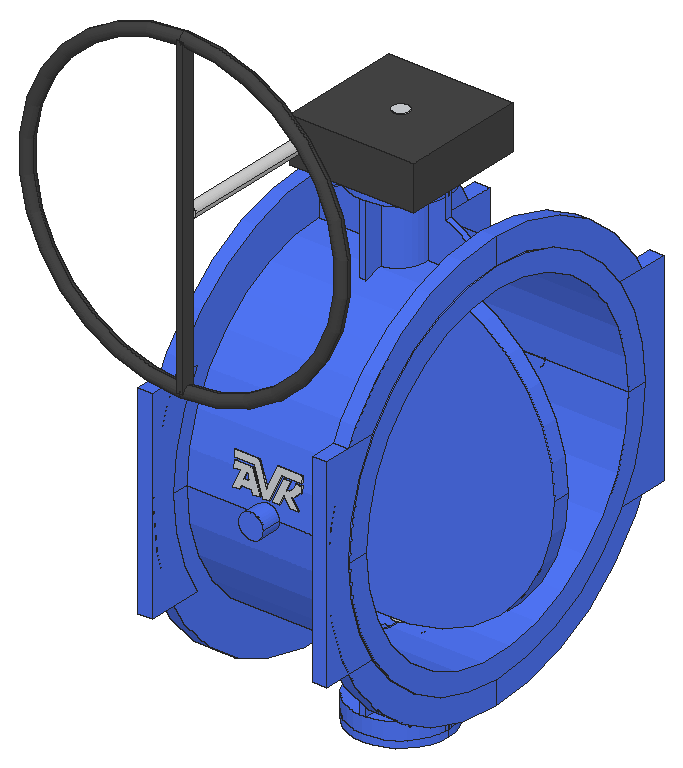
Revit family "756-106-691-DN700-800", category Pipe Accessories, Revit 2019
Family settings
  Round Connector Dimension = Use Diameter
  Part Type = Valve - Breaks Into
  Work Plane-Based = No
  Always vertical = Yes
  Cut with Voids When Loaded = No
  Shared = No
Parameters (values of type "DN0800_PN16")
  W5 = size_lookup(Search_table, "W5", 0 mm, DN)  # 517 mm
  W4 = size_lookup(Search_table, "W4", 0 mm, DN)  # 636 mm
  W3 = size_lookup(Search_table, "W3", 0 mm, DN)  # 627 mm
  W2 = size_lookup(Search_table, "W2", 0 mm, DN)  # 711 mm
  W1 = size_lookup(Search_table, "W1", 0 mm, DN)  # 513 mm
  URL_product_pages = "https://www.avkvalves.com/P.aspx?no=7560700104106"
  Rib_width_2 = Gear_box_Mount_Flange_width * 2  # 232 mm
  Rib_width = L - (Flange_Thickness * 2)  # 390 mm
  Rib_height_2 = H1 - Flange_OD  # 90.5 mm
  Rib_depth = if(DN > 149 mm, 15 mm, if(DN > 299 mm, 15 mm, if(DN > 399 mm, 20 mm, 20 mm)))  # 15 mm
  Rib_height = Flange_OD / 1.1  # 465.909 mm
  Rf_Dia = size_lookup(Search_table, "RF_Dia", 0 mm, DN) / 2  # 450 mm
  RF_Cut_Thickness = 5 mm  # constant formula
  Pin_width = L / 2  # 235 mm
  Pin_dia = HW_rod_Dia * 2  # 60 mm
  Pin_Depth = (DN + size_lookup(Search_table, "Flange_OD", 0 mm, DN)) / 2  # 912.55 mm
  Offset = size_lookup(Search_table, "Offset", 0 mm, DN)  # 3 mm
  L2 = size_lookup(Search_table, "L2", 0 mm, DN)  # 162 mm
  L1 = size_lookup(Search_table, "L1", 0 mm, DN)  # 156 mm
  L = size_lookup(Search_table, "L", 0 mm, DN)  # 470 mm
  ID (Radius) = DN / 2  # 400.05 mm
  Hand_wheel_rod = size_lookup(Search_table, "Hand_wheel_rod", 0 mm, DN)  # 37.5 mm
  HW_rod_Dia = size_lookup(Search_table, "HW_rod_Dia", 0 mm, DN)  # 30 mm
  HW_height = W5 - (HW_rod_Dia / 2)  # 502 mm
  HW_Ref = size_lookup(Search_table, "HW_Ref", 0 mm, DN)  # 125 mm
  HW_Connecting_Rib_ref = (H1 + W2) / 2  # 657 mm
  HW_Connecting_Rib = D * 2  # 770 mm
  H2 = size_lookup(Search_table, "H2", 0 mm, DN)  # 620 mm
  H1 = size_lookup(Search_table, "H1", 0 mm, DN)  # 603 mm
  Gear_box_width = Gear_box_Mount_Flange_width * 1.3  # 150.8 mm
  Flange_Thickness = size_lookup(Search_table, "Flange_Thickness", 0 mm, DN)  # 40 mm
  Flange_OD = size_lookup(Search_table, "Flange_OD", 0 mm, DN) / 2  # 512.5 mm
  Disc_width = if(DN > 2499 mm, 100 mm, if(DN > 2299 mm, 90 mm, if(DN > 1999 mm, 80 mm, if(DN > 1599 mm, 70 mm, if(DN > 1399 mm, 60 mm, if(DN > 999 mm, 50 mm, if(DN > 699 mm, 40 mm, 40 mm)))))))  # 40 mm
  Disc_Dia = size_lookup(Search_table, "Disc_Dia", 0 mm, DN)  # 787.5 mm
  DN0700_PN16 = "756-0700-1-14106"
  DN = 800.1 mm
  Search_table = "756-106-691-DN700-800"
  Disk_2 = size_lookup(Search_table, "Disk_2", 0 mm, DN)  # 40 mm
  Disk_1 = size_lookup(Search_table, "Disk_1", 0 mm, DN)  # 40 mm
  Description_ = "AVK_DOUBLE_ECCENTRIC_BUTTERFLY_VALVE,LONG"
  DN0800_PN16 = "756-0800-1-14106"
  DN0800_PN10 = "756-0800-1-04106"
  DN800 = yes
  DN0700_PN10 = "756-0700-1-04106"
  DN700 = yes
  D = size_lookup(Search_table, "D", 0 mm, DN) / 2 - (HW_rod_Dia / 2)  # 385 mm
  C_rod = if(DN > 2499 mm, 99 mm, if(DN > 2299 mm, 89 mm, if(DN > 1999 mm, 79 mm, if(DN > 1599 mm, 69 mm, if(DN > 1399 mm, 59 mm, if(DN > 999 mm, 49 mm, if(DN > 699 mm, 39 mm, 39 mm)))))))  # 39 mm
  Bottom_width = size_lookup(Search_table, "Bottom_width", 0 mm, DN)  # 492 mm
  Bottom_Depth = DN * 1.5  # 1200.15 mm
  Gear_box_Mount_width = size_lookup(Search_table, "Gear_box_Mount_width", 0 mm, DN) * 2  # 72 mm
  Gear_box_Mount_Flange_width = size_lookup(Search_table, "Gear_box_Mount_Flange_width", 0 mm, DN) / 2  # 116 mm
  Gear_box_Mount_Flange_thickness = size_lookup(Search_table, "Gear_box_Mount_Flange_thickness", 0 mm, DN)  # 40 mm
  Body_wallthickness = 10 mm  # constant formula
Types (5, lengths in mm): name | W5 | W4 | W3 | W2 | W1 | Rib_width_2 | Rib_width | Rib_height_2 | Rib_height | Rf_Dia | Pin_width | Pin_Depth | L2 | L1 | L | ID (Radius) | Hand_wheel_rod | HW_height | HW_Ref | HW_Connecting_Rib_ref | HW_Connecting_Rib | H2 | H1 | Gear_box_width | Flange_OD | Disc_Dia | DN | D | Bottom_width | Bottom_Depth | Gear_box_Mount_width | Gear_box_Mount_Flange_width | Gear_box_Mount_Flange_thickness
  (no name) | 517 | 636 | 627 | 711 | 513 | 232 | 390 | 90.5 | 465.909 | 450 | 235 | 912.55 | 162 | 156 | 470 | 400.05 | 37.5 | 502 | 125 | 657 | 770 | 620 | 603 | 150.8 | 512.5 | 787.5 | 800.1 | 385 | 492 | 1200.15 | 72 | 116 | 40
  DN0700_PN10 | 396 | 543 | 533 | 641 | 448 | 204 | 350 | 84.5 | 406.818 | 397 | 215 | 797.5 | 133 | 127 | 430 | 350 | 33 | 381 | 110 | 586.5 | 570 | 550 | 532 | 132.6 | 447.5 | 690 | 700 | 285 | 395 | 1050 | 62 | 102 | 30
  DN0700_PN16 | 517 | 543 | 533 | 641 | 455 | 214 | 350 | 77 | 413.636 | 397 | 215 | 805.05 | 133 | 127 | 430 | 350.05 | 34.5 | 502 | 110 | 586.5 | 670 | 550 | 532 | 139.1 | 455 | 690 | 700.1 | 335 | 427 | 1050.15 | 66 | 107 | 30
  DN0800_PN10 | 396 | 636 | 627 | 711 | 508 | 223 | 390 | 95.5 | 461.364 | 450 | 235 | 907.5 | 162 | 156 | 470 | 400 | 36 | 381 | 125 | 657 | 570 | 620 | 603 | 144.95 | 507.5 | 787.5 | 800 | 285 | 460 | 1200 | 68 | 111.5 | 40
  DN0800_PN16 | 517 | 636 | 627 | 711 | 513 | 232 | 390 | 90.5 | 465.909 | 450 | 235 | 912.55 | 162 | 156 | 470 | 400.05 | 37.5 | 502 | 125 | 657 | 770 | 620 | 603 | 150.8 | 512.5 | 787.5 | 800.1 | 385 | 492 | 1200.15 | 72 | 116 | 40
Reference planes
  plane 1 "Center (Front/Back)": y = 0
  plane 2: z = 0
  plane 3 "Center (Left/Right)": x = 0
  plane 4: y = 400.05
  plane 5: y = 410.05
  plane 6: x = 235
  plane 7: x = 195
  plane 8: x = -195
  plane 9: x = -235
  plane 10: z = 603
  plane 11: x = 116
  plane 12: z = 563
  plane 13: z = -603
  plane 14: x = 116
  plane 15: z = -563
  plane 16: x = 72
  plane 17: x = 116
  plane 18: x = -116
  plane 19: z = 603
  plane 20: z = 512.5
  plane 21: z = 400.05
  plane 22: x = 195
  plane 23: x = -195
  plane 24: z = 465.909
  plane 25: y = 7.5
  plane 26: y = -7.5
  plane 27: x = 116
  plane 28: x = -116
  plane 29: z = -603
  plane 30: z = -512.5
  plane 31: z = -400.05
  plane 32: x = 195
  plane 33: x = -195
  plane 34: z = -465.909
  plane 35: y = 116
  plane 36: y = -116
  plane 37: x = -7.5
  plane 38: x = 7.5
  plane 39: y = 150.8
  plane 40: y = -150.8
  plane 41: y = -517
  plane 42: y = -487
  plane 43: z = -620
  plane 44: z = 711
  plane 45: x = 72
  plane 46: y = 400.05
  plane 47: y = -400.05
  plane 48: y = 456.275
  plane 49: y = -456.275
  plane 50: x = -125
  plane 51: z = 657
  plane 52: x = -196.6
  plane 53: x = -403
  plane 54: y = 150.8
  plane 55: y = -150.8
  plane 56: x = -125
  plane 57: z = 246
  plane 58: z = -246
  plane 59: y = 513
  plane 60: z = -246
  plane 61: z = 246
  plane 62: y = -513
  plane 63: y = 20
  plane 64: y = -20
  plane 65: z = 272.178
  plane 66: z = -272.178
Forms (mm)
  Revolve 1, solid, material "Plastic"
    sketch origin (0, 0, 0) x (1, 0, 0) y (0, 1, 0)
      loop
        line (-195, 410.05) -> (-195, 512.5) -> (-235, 512.5) -> (-235, 400.05) -> (235, 400.05) -> (235, 512.5) -> (195, 512.5) -> (195, 410.05) -> (-195, 410.05)
      axis (-235, 0) -> (235, 0)
    angle from 0 to 360
  Revolve 2, solid, material "Plastic"
    sketch origin (0, 0, 0) x (1, 0, 0) y (0, 0, 1)
      loop
        line (72, 563) -> (116, 563) -> (116, 603) -> (0, 603) -> (0, 400.05) -> (72, 400.05) -> (72, 563)
      axis (0, 603) -> (0, 400.05)
    angle from 0 to 360
  Revolve 3, solid, material "Plastic"
    sketch origin (0, 0, 0) x (1, 0, 0) y (0, 0, -1)
      loop
        line (72, 400.05) -> (72, 563) -> (116, 563) -> (116, 603) -> (0, 603) -> (0, 400.05) -> (72, 400.05)
      axis (0, 603) -> (0, 400.05)
    angle from 0 to 360
  Revolve 4, solid, material "Plastic"
    sketch origin (0, 0, 0) x (1, 0, 0) y (0, 0, 1)
      loop
        line (0, -603) -> (0, -620) -> (116, -620) -> (116, -603) -> (0, -603)
      axis (0, -620) -> (0, -603)
    angle from 0 to 360
  Extrusion 5, solid, material "Plastic"
    sketch origin (0, 0, 0) x (1, 0, 0) y (0, 0, 1)
      loop
        line (116, 603) -> (-116, 603) -> (-116, 512.5) -> (-195, 465.909) -> (-195, 400.05) -> (195, 400.05) -> (195, 465.909) -> (116, 512.5) -> (116, 603)
    from -7.5 to 7.5
  Extrusion 6, solid, material "Plastic"
    sketch origin (0, 0, 0) x (1, 0, 0) y (0, 0, 1)
      loop
        line (116, -603) -> (116, -512.5) -> (195, -465.909) -> (195, -400.05) -> (-195, -400.05) -> (-195, -465.909) -> (-116, -512.5) -> (-116, -603) -> (116, -603)
    from -7.5 to 7.5
  Extrusion 7, solid, material "Plastic"
    sketch origin (0, 0, 0) x (0, 1, 0) y (0, 0, 1)
      loop
        line (116, 563) -> (-116, 563) -> (-116, -563) -> (116, -563) -> (116, 563)
    from -7.5 to 7.5
  Extrusion 8, void
    sketch origin (0, 0, 0) x (0, 1, 0) y (0, 0, 1)
      loop
        circle (0, 0) r 400.05
    from -235 to 235
  Extrusion 9, solid, material "Plastic"
    sketch origin (0, 0, 0) x (1, 0, 0) y (0, 0, 1)
      loop
        circle (0, 0) r 30
    from -456.275 to -400.05
  Extrusion 10, solid, material "Plastic"
    sketch origin (0, 0, 0) x (1, 0, 0) y (0, 0, 1)
      loop
        circle (0, 0) r 30
    from 456.275 to 400.05
  Revolve 11, void
    sketch origin (0, 0, 0) x (1, 0, 0) y (0, 0, 1)
      loop
        line (235, 620) -> (230, 620) -> (230, 450) -> (235, 450) -> (235, 620)
      loop
        line (-235, 620) -> (-235, 450) -> (-230, 450) -> (-230, 620) -> (-235, 620)
      axis (-235, 0) -> (235, 0)
    angle from 0 to 360
  Extrusion 12, solid, material "Stainless Steel AISI 304"
    sketch origin (0, 0, 0) x (1, 0, 0) y (0, 0, 1)
      loop
        line (-150.8, 711) -> (-150.8, 603) -> (150.8, 603) -> (150.8, 711) -> (-150.8, 711)
    from -150.8 to 150.8
  Extrusion 13, solid, material "Stainless Steel AISI 304(1)"
    sketch origin (0, 0, 0) x (1, 0, 0) y (0, 0, 1)
      loop
        circle (-125, 657) r 15
    from 0 to 487
  Revolve 14, solid, material "Stainless Steel AISI 304"
    sketch origin (-125, -1524, 1534) x (0, 0, 1) y (0, -1, 0)
      loop
        circle (-492, -1022) r 15
      axis (-877, -1022) -> (-877, -1021)
    angle from 0 to 360
  Extrusion 15, solid, material "Stainless Steel AISI 304"
    sketch origin (0, 0, 0) x (1, 0, 0) y (0, 0, 1)
      loop
        line (-132.5, 1042) -> (-132.5, 272) -> (-117.5, 272) -> (-117.5, 1042) -> (-132.5, 1042)
    from 487 to 517
  Extrusion 16, solid, material "Plastic"
    sketch origin (-125, -1524, 1534) x (0, 0, 1) y (0, -1, 0)
      loop
        line (-1288, -1147.192) -> (-1288, -1011) -> (-1780, -1011) -> (-1780, -1147.192)
        arc (-1780, -1147.192) -> (-1534, -1074) -> (-1288, -1147.192) r 450
      loop
        arc (-1288, -1900.808) -> (-1534, -1974) -> (-1780, -1900.808) r 450
        line (-1780, -1900.808) -> (-1780, -2037) -> (-1288, -2037) -> (-1288, -1900.808)
    from 320 to 355
  Extrusion 17, solid, material "Plastic"
    sketch origin (-125, -1524, 1534) x (0, 0, 1) y (0, -1, 0)
      loop
        line (-1780, -2037) -> (-1288, -2037) -> (-1288, -1900.808)
        arc (-1288, -1900.808) -> (-1534, -1974) -> (-1780, -1900.808) r 450
        line (-1780, -1900.808) -> (-1780, -2037)
      loop
        line (-1288, -1147.192) -> (-1288, -1011) -> (-1780, -1011) -> (-1780, -1147.192)
        arc (-1780, -1147.192) -> (-1534, -1074) -> (-1288, -1147.192) r 450
    from -105 to -70
  Extrusion 18, solid, material "Plastic"
    sketch origin (0, 0, 0) x (1, 0, 0) y (0, 0, 1)
      loop
        circle (-3, 0) r 393.75
    from -20 to 20
  Extrusion 19, solid
    sketch origin (0, 0, 0) x (1, 0, 0) y (0, 1, 0)
      loop
        circle (0, 0) r 19.5
    from -620 to 711
Cuts and joins
  Extrusion 8, Revolve 11 cuts Revolve 1
  Extrusion 8 cuts Extrusion 7
Dimensions and locks
  equal spacing: plane 9, plane 3 "Center (Left/Right)", plane 6
  "L": plane 9 to plane 6
  "ID (Radius)": plane 4 to plane 1 "Center (Front/Back)"
  "Body_wallthickness": plane 5 to plane 4
  "Flange_Thickness": plane 7 to plane 6
  "Flange_Thickness": plane 9 to plane 8
  "Flange_OD": plane 1 "Center (Front/Back)" to Revolve 1 sketch curve
  "H1": plane 10 to level
  "Gear_box_Mount_Flange_thickness": plane 10 to plane 12
  "ID (Radius)": Revolve 2 sketch curve to level
  "Gear_box_Mount_Flange_width": plane 3 "Center (Left/Right)" to plane 11
  "Gear_box_Mount_Flange_thickness": plane 13 to plane 15
  "H1": level to plane 13
  "ID (Radius)": level to Revolve 3 sketch curve
  "Gear_box_Mount_Flange_width": Revolve 4 sketch curve to Revolve 4 sketch curve
  "ID (Radius)": plane 21 to level
  "H1": plane 19 to level
  "Gear_box_Mount_Flange_width": plane 3 "Center (Left/Right)" to plane 17
  "Gear_box_Mount_Flange_width": plane 18 to plane 3 "Center (Left/Right)"
  "Rib_height": plane 24 to level
  equal spacing: plane 25, plane 1 "Center (Front/Back)", plane 26
  "Rib_depth": plane 25 to plane 26
  equal spacing: plane 22, plane 3 "Center (Left/Right)", plane 23
  "Rib_width": plane 22 to plane 23
  "Rib_height_2": plane 19 to plane 20
  "Rib_height_2": plane 29 to plane 30
  "Rib_height": level to plane 34
  "Gear_box_Mount_Flange_width": plane 28 to plane 3 "Center (Left/Right)"
  "Gear_box_Mount_Flange_width": plane 3 "Center (Left/Right)" to plane 27
  "ID (Radius)": level to plane 31
  "H1": level to plane 29
  equal spacing: plane 32, plane 3 "Center (Left/Right)", plane 33
  "Rib_width": plane 32 to plane 33
  equal spacing: plane 35, plane 1 "Center (Front/Back)", plane 36
  equal spacing: plane 37, plane 3 "Center (Left/Right)", plane 38
  "Rib_depth": plane 37 to plane 38
  equal spacing: plane 39, plane 1 "Center (Front/Back)", plane 40
  "Rib_width_2": plane 35 to plane 36
  "Gear_box_width": plane 1 "Center (Front/Back)" to plane 40
  "W5": plane 1 "Center (Front/Back)" to plane 41
  "H2": level to Revolve 4 sketch curve
  "HW_rod_Dia": plane 42 to plane 41
  "W2": plane 44 to level
  "Gear_box_Mount_width": plane 45 to plane 3 "Center (Left/Right)"
  "Gear_box_Mount_width": plane 3 "Center (Left/Right)" to plane 16
  "Gear_box_Mount_Flange_width": plane 3 "Center (Left/Right)" to plane 14
  "H2": Extrusion 9 sketch curve to Revolve 4
  equal spacing: plane 46, plane 1 "Center (Front/Back)", plane 47
  "DN": plane 46 to plane 47
  equal spacing: plane 48, plane 1 "Center (Front/Back)", plane 49
  "Pin_Depth": plane 48 to plane 49
  "Rf_Dia": Revolve 11 sketch curve to level
  "RF_Cut_Thickness": Revolve 11 sketch curve to Revolve 11 sketch curve  (x2)
  "H2": Revolve 11 sketch curve to level
  "HW_Ref": plane 3 "Center (Left/Right)" to plane 50
  "HW_Connecting_Rib_ref": plane 51 to level
  plane 3 "Center (Left/Right)" to plane 53 = 403 mm
  cut or joined group of Revolve 1, Extrusion 8, Revolve 11 to cut or joined group of Revolve 1, Extrusion 8, Revolve 11 = 470 mm
  equal spacing: Extrusion 12 sketch curve, plane 3 "Center (Left/Right)", Extrusion 12 sketch curve
  "Gear_box_width": Extrusion 12 sketch curve to plane 3 "Center (Left/Right)"
  equal spacing: plane 54, plane 1 "Center (Front/Back)", plane 55
  "Gear_box_width": plane 1 "Center (Front/Back)" to plane 55
  "HW_Ref": plane 3 "Center (Left/Right)" to plane 56
  "HW_Ref": plane 3 "Center (Left/Right)" to Extrusion 13 sketch curve
  "HW_height": plane 1 "Center (Front/Back)" to Revolve 14 sketch curve
  plane 51 to Extrusion 12 = 54 mm
  "D": Revolve 14 sketch curve to Revolve 14 sketch curve
  equal spacing: Extrusion 15 sketch curve, plane 50, Extrusion 15 sketch curve
  "Rib_depth": Extrusion 15 sketch curve to Extrusion 15 sketch curve
  "HW_Connecting_Rib_ref": Extrusion 13 sketch curve to level
  equal spacing: Extrusion 15 sketch curve, plane 51, Extrusion 15 sketch curve
  "HW_Connecting_Rib": Extrusion 15 sketch curve to Extrusion 15 sketch curve
  "HW_Connecting_Rib_ref": Revolve 14 sketch curve to level
  equal spacing: plane 61, level, plane 60
  equal spacing: plane 57, level, plane 58
  "Bottom_width": plane 61 to plane 60
  "Bottom_width": plane 57 to plane 58
  "W1": plane 1 "Center (Front/Back)" to plane 62
  "W1": plane 59 to plane 1 "Center (Front/Back)"
  "Offset": plane 3 "Center (Left/Right)" to Extrusion 18 sketch curve
  equal spacing: plane 63, plane 1 "Center (Front/Back)", plane 64
  "Disc_width": plane 63 to plane 64
  equal spacing: plane 47, Extrusion 19 sketch curve, plane 46
  equal spacing: cut or joined group of Revolve 1, Extrusion 8, Revolve 11, Extrusion 19 sketch curve, cut or joined group of Revolve 1, Extrusion 8, Revolve 11
  Extrusion 18 to cut or joined group of Revolve 1, Extrusion 8, Revolve 11 = 161.75 mm
  cut or joined group of Revolve 1, Extrusion 8, Revolve 11 to Extrusion 18 = 155.75 mm
  "W1": plane 1 "Center (Front/Back)" to Extrusion 17
  "H2": level to plane 43
  plane 65 to plane 66 = 544.357 mm
  "Pin_dia": diameter of Extrusion 9 sketch curve
  "HW_rod_Dia": diameter of Revolve 14 sketch curve
  "HW_rod_Dia": diameter of Extrusion 13 sketch curve
  "Disc_Dia": diameter of Extrusion 18 sketch curve
  "C_rod": diameter of Extrusion 19 sketch curve
  aligned and locked: level to plane 2
  aligned and locked: Revolve 1 sketch curve to plane 4
  aligned and locked: plane 5 to Revolve 1 sketch curve
  aligned and locked: Revolve 1 sketch curve to plane 6
  aligned and locked: Revolve 1 sketch curve to plane 7
  aligned and locked: Revolve 1 sketch curve to plane 8
  aligned and locked: Revolve 1 sketch curve to plane 9
  aligned and locked: Revolve 1 sketch curve to Revolve 1 sketch curve
  aligned and locked: plane 1 "Center (Front/Back)" to Revolve 1 sketch curve
  aligned and locked: Revolve 2 sketch curve to Revolve 2 sketch curve
  aligned and locked: plane 10 to Revolve 2 sketch curve
  aligned and locked: Revolve 2 sketch curve to plane 11  (x2)
  aligned and locked: plane 12 to Revolve 2 sketch curve
  aligned and locked: Revolve 2 sketch curve to plane 3 "Center (Left/Right)"
  aligned and locked: Revolve 3 sketch curve to plane 14
  aligned and locked: plane 13 to Revolve 3 sketch curve
  aligned and locked: Revolve 4 sketch curve to Revolve 3
  aligned and locked: Revolve 4 sketch curve to plane 3 "Center (Left/Right)"  (x2)
  aligned and locked: Extrusion 5 sketch curve to plane 17  (x2)
  aligned and locked: Extrusion 5 sketch curve to plane 19
  aligned and locked: Extrusion 5 sketch curve to plane 18  (x2)
  aligned and locked: plane 19 to Extrusion 5 sketch curve
  aligned and locked: Extrusion 5 sketch curve to plane 20
  aligned and locked: plane 20 to Extrusion 5 sketch curve
  aligned and locked: Extrusion 5 sketch curve to plane 24
  aligned and locked: plane 22 to Extrusion 5 sketch curve  (x2)
  aligned and locked: plane 24 to Extrusion 5 sketch curve
  aligned and locked: plane 23 to Extrusion 5 sketch curve  (x2)
  aligned and locked: plane 21 to Extrusion 5 sketch curve
  aligned and locked: Extrusion 5 to plane 25
  aligned and locked: plane 26 to Extrusion 5
  aligned and locked: Extrusion 6 sketch curve to plane 27  (x2)
  aligned and locked: plane 32 to Extrusion 6 sketch curve  (x2)
  aligned and locked: plane 33 to Extrusion 6 sketch curve  (x2)
  aligned and locked: plane 31 to Extrusion 6 sketch curve  (x2)
  aligned and locked: Extrusion 6 sketch curve to plane 34
  aligned and locked: plane 28 to Extrusion 6 sketch curve  (x2)
  aligned and locked: Extrusion 6 sketch curve to plane 30
  aligned and locked: plane 30 to Extrusion 6 sketch curve
  aligned and locked: Extrusion 6 sketch curve to plane 29
  aligned and locked: plane 29 to Extrusion 6 sketch curve
  aligned and locked: plane 34 to Extrusion 6 sketch curve
  aligned and locked: plane 35 to Extrusion 7 sketch curve
  aligned and locked: Extrusion 7 sketch curve to plane 36
  aligned and locked: Extrusion 7 sketch curve to Revolve 2
  aligned and locked: Extrusion 7 to plane 38
  aligned and locked: Extrusion 7 to plane 37
  aligned and locked: Extrusion 8 sketch curve to Revolve 1  (x2)
  aligned and locked: Revolve 2 sketch curve to plane 45  (x2)
  aligned and locked: plane 16 to Revolve 3 sketch curve
  aligned and locked: plane 15 to Revolve 3 sketch curve  (x2)
  aligned and locked: plane 3 "Center (Left/Right)" to Revolve 3 sketch curve
  aligned and locked: Revolve 3 sketch curve to plane 3 "Center (Left/Right)"
  aligned and locked: Revolve 3 sketch curve to Revolve 3 sketch curve
  aligned and locked: plane 14 to Revolve 3 sketch curve
  aligned and locked: Extrusion 9 to plane 46
  aligned and locked: Extrusion 10 sketch curve to Extrusion 9  (x2)
  aligned and locked: plane 47 to Extrusion 10
  aligned and locked: Extrusion 9 to plane 48
  aligned and locked: plane 49 to Extrusion 10
  aligned and locked: Revolve 11 sketch curve to cut or joined group of Revolve 1, Extrusion 8, Revolve 11  (x2)
  aligned and locked: Revolve 11 sketch curve to Revolve 11 sketch curve  (x2)
  aligned and locked: Revolve 11 sketch curve to plane 2
  aligned and locked: Extrusion 8 to Revolve 1  (x2)
  aligned and locked: Extrusion 7 sketch curve to Revolve 3
  aligned and locked: Extrusion 12 sketch curve to plane 44
  aligned and locked: Extrusion 12 sketch curve to Revolve 2
  aligned and locked: plane 54 to Extrusion 12
  aligned and locked: plane 55 to Extrusion 12
  aligned and locked: Extrusion 13 to plane 1 "Center (Front/Back)"
  aligned and locked: plane 41 to Extrusion 15
  aligned and locked: Extrusion 15 to plane 42
  aligned and locked: plane 58 to Extrusion 16 sketch curve  (x2)
  aligned and locked: plane 57 to Extrusion 16 sketch curve
  aligned and locked: plane 59 to Extrusion 16 sketch curve
  aligned and locked: plane 61 to Extrusion 16 sketch curve  (x2)
  aligned and locked: plane 60 to Extrusion 16 sketch curve  (x2)
  aligned and locked: Extrusion 16 sketch curve to plane 59
  aligned and locked: Extrusion 16 sketch curve to cut or joined group of Revolve 1, Extrusion 8, Revolve 11  (x2)
  aligned and locked: plane 62 to Extrusion 16 sketch curve
  aligned and locked: Extrusion 16 sketch curve to plane 62
  aligned and locked: Extrusion 16 to cut or joined group of Revolve 1, Extrusion 8, Revolve 11
  aligned and locked: Extrusion 5 to Extrusion 16
  aligned and locked: Extrusion 17 sketch curve to Extrusion 16  (x8)
  aligned and locked: cut or joined group of Revolve 1, Extrusion 8, Revolve 11 to Extrusion 17
  aligned and locked: Extrusion 17 to cut or joined group of Revolve 1, Extrusion 8, Revolve 11
  aligned and locked: Extrusion 18 to plane 63
  aligned and locked: Extrusion 18 to plane 64
  aligned and locked: plane 3 "Center (Left/Right)" to nested 1
  aligned and locked: plane 44 to Extrusion 19
  aligned and locked: Extrusion 19 to Revolve 4
  aligned and locked: Extrusion 13 to Extrusion 15
Automatic sketch dimensions
  Revolve 1 sketch curve to plane 50 = 25 mm
  Revolve 1 sketch curve to plane 38 = 19.183 mm
  Revolve 2 sketch curve to Revolve 2 sketch curve = 35.25 mm
  Revolve 3 sketch curve to Revolve 3 sketch curve = 35.25 mm
  Revolve 4 sketch curve to Revolve 4 sketch curve = 60 mm
  Revolve 4 sketch curve to Revolve 4 sketch curve = 15 mm
  Extrusion 9 sketch curve to plane 3 "Center (Left/Right)" = 0 mm
  plane 41 to Revolve 14 sketch curve = 36.223 mm
  Revolve 14 sketch curve to Revolve 14 sketch curve = 60 mm
  Extrusion 18 sketch curve to level = 0 mm
  Revolve 2 sketch curve to Revolve 2 sketch curve = 32.25 mm
  Revolve 3 sketch curve to Revolve 3 sketch curve = 32.25 mm
  Revolve 11 sketch curve to plane 52 = 0.4 mm
  Revolve 11 sketch curve to plane 38 = 42.5 mm
Nested families
  nested 1: "LOGO 600" at (0, -408.33, 37.519) x (1, 0, 0) z (0, -0.9958, 0.0915), type "LOGO 600"
Connectors
  piping at (235, 0, 0), diameter 800.1, driven by "DN"
    settings: on Extrusion 8, index 1, connector inside diameter 609.6 mm, connector length 0 mm, flow factor 0, pipe flow 0.0 L/s, pressure drop 0.0 Pa, fitting loss kfactor 0, connector angle 0.00°, fixture units 0, engagement length 0 mm, angle of deflection 0.00°, flow configuration 0, flow direction 0, fitting loss method 0, system type 7, joint type 0, gender type 0, connector reference index -1, connector utility 0, adjustable connector no, is connector primary yes, connector description ""
  piping at (-235, 0, 0), diameter 800.1, driven by "DN"
    settings: on Extrusion 8, index 2, connector inside diameter 609.6 mm, connector length 0 mm, flow factor 0, pipe flow 0.0 L/s, pressure drop 0.0 Pa, fitting loss kfactor 0, connector angle 0.00°, fixture units 0, engagement length 0 mm, angle of deflection 0.00°, flow configuration 0, flow direction 0, fitting loss method 0, system type 7, joint type 0, gender type 0, connector reference index -1, connector utility 0, adjustable connector no, is connector primary no, connector description ""
Definition of nested family "LOGO 600"
  Parameters (values of type "LOGO 600")
    Default Elevation = 1219.2 mm
    DN600 = yes
  Reference planes
    plane 1 "Center (Front/Back)": y = 0
    plane 2: z = 0
    plane 3 "Center (Left/Right)": x = 0
  Forms (mm)
    Extrusion 1, solid
      sketch origin (0, 0, 0) x (1, 0, 0) y (0, 1, 0)
        loop
          line (-1219.2, 1219.2) -> (-1219.2, -1219.2) -> (1219.2, -1219.2) -> (1219.2, 1219.2) -> (-1219.2, 1219.2)
      from 0 to -304.8
    Extrusion 2, solid, visible <- "DN600"
      sketch origin (0, 0, 0) x (1, 0, 0) y (0, 1, 0)
        loop
          line (-22.357, 78.446) -> (-82.368, 78.446) -> (-82.368, 62.168) -> (-33.516, 62.168) -> (-8.205, 0) -> (8.205, 0) -> (33.516, 62.168) -> (82.368, 62.168) -> (82.368, 78.446) -> (22.357, 78.446) -> (0, 23.534) -> (-22.357, 78.446)
        loop
          line (-37.737, 55.893) -> (-82.368, 55.893) -> (-82.368, 40.203) -> (-66.935, 40.203) -> (-82.368, 0) -> (-64.932, 0) -> (-61.62, 8.629) -> (-36.069, 8.629) -> (-32.556, 0) -> (-14.981, 0) -> (-37.737, 55.893)
        loop
          line (-57.579, 23.534) -> (-42.137, 23.534) -> (-50.086, 43.055) -> (-57.579, 23.534)
        loop
          line (55.312, 55.893) -> (37.737, 55.893) -> (14.981, 0) -> (32.556, 0) -> (41.503, 21.977) -> (58.064, 0) -> (78.446, 0) -> (59.714, 24.857)
          arc (59.714, 24.857) -> (70.64, 30.248) -> (77.661, 40.203) r 24.71
          line (77.661, 40.203) -> (82.368, 40.203) -> (82.368, 55.893) -> (66.679, 55.893)
          arc (66.679, 55.893) -> (60.961, 41.731) -> (47.013, 35.51) r 20.396
          line (47.013, 35.51) -> (55.312, 55.893)
      from 0 to 1
  Dimensions and locks
    aligned and locked: plane 2 to Extrusion 1
    aligned and locked: level to Extrusion 1
